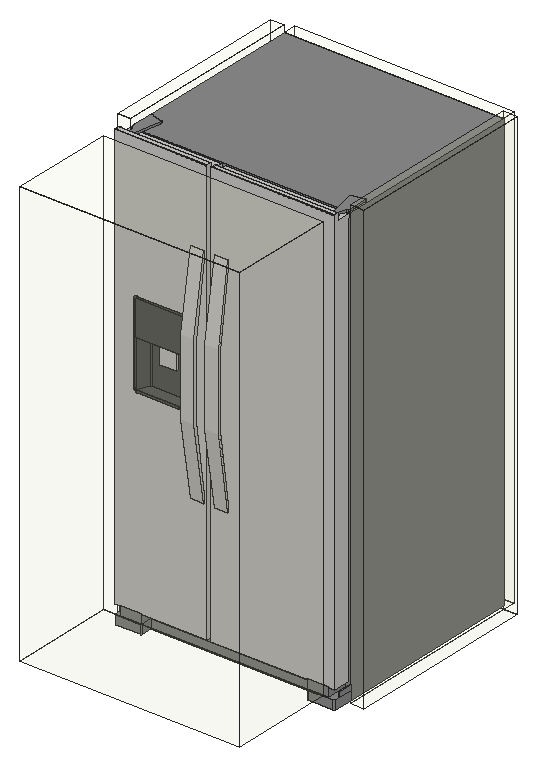
Revit family "WRS321SDHZ-007c_Refrigeration_SXS", category Specialty Equipment, Revit 2026
Family settings
  Round Connector Dimension = Use Diameter
  Part Type = Normal
  Work Plane-Based = No
  Enable Cutting in Views = No
  Always vertical = Yes
  Cut with Voids When Loaded = No
  Maintain Annotation Orientation = No
  Shared = No
  Room Calculation Point = No
Parameters (values of type "WRS321SDHZ")
  Width = 32 3/4"
  Warranty Duration (Years) = "One year limited"
  Voltage = 120 V
  URL = "https://www.whirlpool.com/kitchen/refrigeration/refrigerators/side-by-side/p.33-inch-wide-side-by-side-refrigerator-21-cu.-ft.wrs321sdhz.html"
  Specification = ""
  SpecWizard = ""
  Show Clearance [instance] = yes
  Send Message = ""
  Sales Information = "https://www.whirlpool.com/kitchen/refrigeration/refrigerators/side-by-side/p.33-inch-wide-side-by-side-refrigerator-21-cu.-ft.wrs321sdhz.html"
  Product Data = "https://www.whirlpool.com/content/dam/global/documents/201711/UseandCare-W11101941-RevA(ECO).pdf"
  Model = "WRS321SDHZ"
  Manufacturer Website = ""
  Manufacturer Phone - Toll Free = ""
  Manufacturer Phone = ""
  Manufacturer Fax = ""
  Manufacturer Email = ""
  Manufacturer Address = ""
  Manufacturer = "Whirlpool"
  Maintenance Schedule (Months) = "NA"
  Leg Material = ARCAT - Metal - Steel - Black
  Installation-Fabrication = "https://www.whirlpool.com/content/dam/global/documents/201802/installationinstructions-w11105301-reva-fr.pdf"
  Installation Phase = "NA"
  Height = 66 5/8"
  Handle Material = ARCAT - Metal - Steel - Stainless
  HW size = 0"
  Family Name = "Freestanding Refrigerator"
  Expected Lifespan (Years) = "NA"
  Exhaust size = 0"
  Drawn By = ""
  Drain size = 0"
  Door Material = ARCAT - Metal - Steel - Stainless
  Display Panel Material = ARCAT - Glass - Black
  Description = "Whirlpool® 33-inch Wide Side-by-Side Refrigerator - 21 cu. ft."
  Depth = 33 5/8"
  Default Elevation = 0"
  Copyright = ""
  Clearance Material = ARCAT - Clearance
  CW size = 0"
  Body Material = ARCAT - Metal - Steel - Black
  Apparent Load = 0 VA
  Amps = 15 A
Reference planes (in)
  plane 1 "Center (Front/Back)": y = 0
  plane 2: z = 0
  plane 3 "Center (Left/Right)": x = 0
  plane 4: x = 16.375
  plane 5: x = -16.375
  plane 6: z = 66.625
  plane 7: y = -2
  plane 8: y = -35.625
  plane 9: z = 0
Forms (in)
  Extrusion 1, solid, material "ARCAT - Metal - Steel - Black" <- "Body Material"
    sketch origin (0, -2, -0.5) x (1, 0, 0) y (0, 1, 0)
      loop
        line (-16.375, -0.125) -> (-16.375, -28.625) -> (16.375, -28.625) -> (16.375, -0.125) -> (-16.375, -0.125)
    from 1 to 66.125
  Extrusion 2, solid, material "ARCAT - Metal - Steel - Black" <- "Body Material"
    sketch origin (-16.375, -2.125, -0.5) x (1, 0, 0) y (0, 0, -1)
      loop
        line (30, -1) -> (2.75, -1) -> (2.75, -1.5) -> (1, -1.5) -> (1, -11.04479) -> (3.09728, -11.04479) -> (3.09728, -11.38413) -> (7.94884, -11.38413)
        arc (7.94884, -11.38413) -> (7.96541, -11.391) -> (7.97228, -11.40757) r 0.02344
        line (7.97228, -11.40757) -> (7.97228, -11.78736) -> (30.33031, -11.78736) -> (30.33031, -11.38413) -> (31.72625, -11.38413)
        arc (31.72625, -11.38413) -> (31.74304, -11.37717) -> (31.75, -11.36038) r 0.02375
        line (31.75, -11.36038) -> (31.75, -1.5) -> (30, -1.5) -> (30, -1)
    from 0 to 0.0625
  Extrusion 3, void
    sketch origin (-16.375, -2.125, -0.5) x (-1, 0, 0) y (0, 0, -1)
      loop
        line (-2.70358, -8.12739) -> (-1.45358, -8.12739) -> (-1.45358, -5.37739) -> (-2.70358, -5.37739) -> (-2.70358, -8.12739)
    from -0.0625 to 0.86189
  Extrusion 4, solid, material "ARCAT - Clearance" <- "Clearance Material", visible <- "Show Clearance", detail levels medium+fine
    sketch origin (63.95747, -149.5, 68.375) x (-1, 0, 0) y (0, -1, 0)
      loop
        line (47.58247, -149.5) -> (80.33247, -149.5) -> (80.33247, -147.5) -> (47.58247, -147.5) -> (47.58247, -149.5)
    from -2.75 to -68.375
  Extrusion 5, solid, material "ARCAT - Metal - Steel - Stainless" <- "Door Material"
    sketch origin (0, -4.375, 68.375) x (1, 0, 0) y (0, 1, 0)
      loop
        line (15.625, -26.25) -> (-2, -26.25) -> (-2, -29.25) -> (16.375, -29.25) -> (16.375, -26.75) -> (15.625, -26.75) -> (15.625, -26.25)
    from -3.25 to -65.125
  Extrusion 6, solid, material "ARCAT - Metal - Steel - Stainless" <- "Door Material"
    sketch origin (0, -4.375, 68.375) x (1, 0, 0) y (0, 1, 0)
      loop
        line (-16.375, -29.25) -> (-2.625, -29.25) -> (-2.625, -26.25) -> (-15.625, -26.25) -> (-15.625, -26.75) -> (-16.375, -26.75) -> (-16.375, -29.25)
    from -3.25 to -65.125
  Extrusion 7, solid, material "ARCAT - Glass - Black" <- "Display Panel Material"
    sketch origin (-16.375, -33.625, 66.125) x (1, 0, 0) y (0, 0, 1)
      loop
        line (3.05715, -26.15412) -> (10.26402, -26.15412) -> (10.26402, -21.16472)
        arc (10.26402, -21.16472) -> (10.1908, -20.98795) -> (10.01402, -20.91472) r 0.25
        line (10.01402, -20.91472) -> (3.30715, -20.91472)
        arc (3.30715, -20.91472) -> (3.13038, -20.98795) -> (3.05715, -21.16472) r 0.25
        line (3.05715, -21.16472) -> (3.05715, -26.15412)
    from 0 to 0.0625
  Extrusion 8, solid, material "ARCAT - Metal - Steel - Black" <- "Body Material"
    sketch origin (-16.375, -33.625, 63.125) x (1, 0, 0) y (0, 0, 1)
      loop
        arc (3.05715, -29.83753) -> (3.17663, -30.12597) -> (3.46508, -30.24545) r 0.40793
        line (3.46508, -30.24545) -> (9.85777, -30.24545)
        arc (9.85777, -30.24545) -> (10.14504, -30.12646) -> (10.26402, -29.8392) r 0.40625
        line (10.26402, -29.8392) -> (10.26402, -18.16472)
        arc (10.26402, -18.16472) -> (10.1908, -17.98795) -> (10.01402, -17.91472) r 0.25
        line (10.01402, -17.91472) -> (3.30715, -17.91472)
        arc (3.30715, -17.91472) -> (3.13038, -17.98795) -> (3.05715, -18.16472) r 0.25
        line (3.05715, -18.16472) -> (3.05715, -29.83753)
      loop
        arc (2.80715, -29.83753) -> (2.99985, -30.30275) -> (3.46508, -30.49545) r 0.65793
        line (3.46508, -30.49545) -> (9.85777, -30.49545)
        arc (9.85777, -30.49545) -> (10.32181, -30.30324) -> (10.51402, -29.8392) r 0.65625
        line (10.51402, -29.8392) -> (10.51402, -18.16472)
        arc (10.51402, -18.16472) -> (10.36758, -17.81117) -> (10.01402, -17.66472) r 0.5
        line (10.01402, -17.66472) -> (3.30715, -17.66472)
        arc (3.30715, -17.66472) -> (2.9536, -17.81117) -> (2.80715, -18.16472) r 0.5
        line (2.80715, -18.16472) -> (2.80715, -29.83753)
    from 0 to 0.0625
  Extrusion 9, solid, material "ARCAT - Metal - Steel - Stainless" <- "Door Material"
    sketch origin (18, 0.59, 48) x (0, 1, 0) y (0, 0, -1)
      loop
        line (-31.4861, -17.125) -> (-34.215, -17.125) -> (-34.215, -18.59845)
        arc (-34.215, -18.59845) -> (-34.20723, -18.61722) -> (-34.18846, -18.625) r 0.02655
        line (-34.18846, -18.625) -> (-33.5593, -18.625)
        arc (-33.5593, -18.625) -> (-33.53996, -18.61699) -> (-33.53195, -18.59766) r 0.02734
        line (-33.53195, -18.59766) -> (-33.53195, -17.625) -> (-31.4861, -17.625) -> (-31.4861, -17.125)
    from 1.625 to 20
  Extrusion 10, solid, material "ARCAT - Metal - Steel - Black" <- "Body Material"
    sketch origin (0.11177, -5.90625, 65.625) x (1, 0, 0) y (0, 1, 0)
      loop
        arc (-15.88854, -21.39842) -> (-16.12919, -21.45093) -> (-16.23677, -21.6725) r 0.28197
        line (-16.23677, -21.6725) -> (-16.23677, -23.92511)
        arc (-16.23677, -23.92511) -> (-16.21222, -24.28246) -> (-16.13903, -24.6331) r 2.61317
        arc (-16.13903, -24.6331) -> (-16.07566, -24.78883) -> (-15.97925, -24.92658) r 0.75155
        arc (-15.97925, -24.92658) -> (-15.69638, -25.60026) -> (-15.87916, -26.30769) r 1.14347
        arc (-15.87916, -26.30769) -> (-15.69831, -26.89334) -> (-15.15572, -26.60823) r 0.39844
        line (-15.15572, -26.60823) -> (-14.19515, -22.08907)
        arc (-14.19515, -22.08907) -> (-14.23227, -21.8807) -> (-14.40417, -21.75722) r 0.28125
        line (-14.40417, -21.75722) -> (-15.88854, -21.39842)
    from 0.25 to 0
  Extrusion 11, solid, material "ARCAT - Metal - Steel - Black" <- "Body Material"
    sketch origin (-0.11177, -5.90625, 65.625) x (-1, 0, 0) y (0, -1, 0)
      loop
        line (-15.88854, 21.39842) -> (-14.40417, 21.75722)
        arc (-14.40417, 21.75722) -> (-14.23227, 21.8807) -> (-14.19515, 22.08907) r 0.28125
        line (-14.19515, 22.08907) -> (-15.15572, 26.60823)
        arc (-15.15572, 26.60823) -> (-15.69831, 26.89334) -> (-15.87916, 26.30769) r 0.39844
        arc (-15.87916, 26.30769) -> (-15.69638, 25.60026) -> (-15.97925, 24.92658) r 1.14347
        arc (-15.97925, 24.92658) -> (-16.07566, 24.78883) -> (-16.13903, 24.6331) r 0.75155
        arc (-16.13903, 24.6331) -> (-16.21222, 24.28246) -> (-16.23677, 23.92511) r 2.61317
        line (-16.23677, 23.92511) -> (-16.23677, 21.6725)
        arc (-16.23677, 21.6725) -> (-16.12919, 21.45093) -> (-15.88854, 21.39842) r 0.28197
    from 0.25 to 0
  Extrusion 12, solid, material "ARCAT - Metal - Steel - Stainless" <- "Door Material"
    sketch origin (-22.625, 0.59, 48) x (0, 1, 0) y (0, 0, 1)
      loop
        line (-31.4861, 17.125) -> (-31.4861, 17.625) -> (-33.53195, 17.625) -> (-33.53195, 18.59766)
        arc (-33.53195, 18.59766) -> (-33.53996, 18.61699) -> (-33.5593, 18.625) r 0.02734
        line (-33.5593, 18.625) -> (-34.18846, 18.625)
        arc (-34.18846, 18.625) -> (-34.20723, 18.61722) -> (-34.215, 18.59845) r 0.02655
        line (-34.215, 18.59845) -> (-34.215, 17.125) -> (-31.4861, 17.125)
    from 6.25 to 20
  Extrusion 13, solid, material "ARCAT - Clearance" <- "Clearance Material", visible <- "Show Clearance", detail levels medium+fine
    sketch origin (63.95747, -184.125, 68.375) x (-1, 0, 0) y (0, -1, 0)
      loop
        line (47.58247, -148.5) -> (80.33247, -148.5) -> (80.33247, -132.8125) -> (47.58247, -132.8125) -> (47.58247, -148.5)
    from -1.75 to -65.125
  Extrusion 14, solid, material "ARCAT - Metal - Steel - Stainless" <- "Handle Material"
    sketch origin (-2.28977, -4.375, -11.52278) x (0, 1, 0) y (0, 0, -1)
      loop
        line (-29.25, -66.625) -> (-29.25, -65.51985)
        arc (-29.25, -65.51985) -> (-31.00203, -49.71028) -> (-29.25, -33.90071) r 72.20562
        line (-29.25, -33.90071) -> (-29.25, -32.79555)
        arc (-29.25, -32.79555) -> (-31.25203, -49.71028) -> (-29.25, -66.625) r 72.45562
    from 0.83523 to 2.83523
  Extrusion 15, solid, material "ARCAT - Metal - Steel - Black" <- "Body Material"
    sketch origin (0, -6.125, 0.5) x (0, 1, 0) y (1, 0, 0)
      loop
        line (-27.5, -12.55303) -> (-27.5, -16.18901)
        arc (-27.5, -16.18901) -> (-27.44552, -16.32052) -> (-27.31401, -16.375) r 0.18599
        line (-27.31401, -16.375) -> (-24.5, -16.375) -> (-24.5, 16.375) -> (-27.31401, 16.375)
        arc (-27.31401, 16.375) -> (-27.44552, 16.32052) -> (-27.5, 16.18901) r 0.18599
        line (-27.5, 16.18901) -> (-27.5, 12.55303)
        arc (-27.5, 12.55303) -> (-27.44508, 12.42045) -> (-27.3125, 12.36553) r 0.1875
        line (-27.3125, 12.36553) -> (-25.75, 12.36553) -> (-25.75, -12.36553) -> (-27.3125, -12.36553)
        arc (-27.3125, -12.36553) -> (-27.44508, -12.42045) -> (-27.5, -12.55303) r 0.1875
    from 0 to -1.31803
  Blend 16, solid, material "ARCAT - Metal - Steel - Black" <- "Body Material"
    base sketch origin (0.30403, -2.0625, 10.4343) x (1, 0, 0) y (0, 0, -1)
      loop
        arc (15.07097, -2.67992) -> (14.89478, -2.25455) -> (14.46941, -2.07836) r 0.60156
        line (14.46941, -2.07836) -> (-15.07746, -2.07836)
        arc (-15.07746, -2.07836) -> (-15.50283, -2.25455) -> (-15.67903, -2.67992) r 0.60156
        line (-15.67903, -2.67992) -> (-15.67903, -53.58914)
        arc (-15.67903, -53.58914) -> (-15.50283, -54.01451) -> (-15.07746, -54.1907) r 0.60156
        line (-15.07746, -54.1907) -> (14.46816, -54.1907)
        arc (14.46816, -54.1907) -> (14.89441, -54.01414) -> (15.07097, -53.58789) r 0.60281
        line (15.07097, -53.58789) -> (15.07097, -2.67992)
    top sketch origin (0.30403, -2.0625, 10.4343) x (1, 0, 0) y (0, 0, -1)
      loop
        line (14.07097, -52.9407) -> (14.07097, -3.32836)
        arc (14.07097, -3.32836) -> (13.99775, -3.15158) -> (13.82097, -3.07836) r 0.25
        line (13.82097, -3.07836) -> (-14.42903, -3.07836)
        arc (-14.42903, -3.07836) -> (-14.6058, -3.15158) -> (-14.67903, -3.32836) r 0.25
        line (-14.67903, -3.32836) -> (-14.67903, -52.9407)
        arc (-14.67903, -52.9407) -> (-14.6058, -53.11748) -> (-14.42903, -53.1907) r 0.25
        line (-14.42903, -53.1907) -> (13.82097, -53.1907)
        arc (13.82097, -53.1907) -> (13.99775, -53.11748) -> (14.07097, -52.9407) r 0.25
    from -0.0625 to 0.0625
  Extrusion 17, solid, material "ARCAT - Metal - Steel - Black" <- "Body Material"
    sketch origin (-12.55303, -33.625, 0.5) x (-1, 0, 0) y (0, 0, -1)
      loop
        line (2.91431, -2.75) -> (2.91431, -1.49639) -> (-0.1875, -1.49639) -> (-0.1875, -2.75) -> (2.91431, -2.75)
    from 0 to -3
  Extrusion 18, solid, material "ARCAT - Metal - Steel - Black" <- "Body Material"
    sketch origin (-16.375, -33.43901, 0.5) x (0, 1, 0) y (0, 0, -1)
      loop
        line (2.81401, -1.31803) -> (0.81401, -1.31803) -> (0.81401, -1.95319)
        arc (0.81401, -1.95319) -> (0.83693, -2.00853) -> (0.89227, -2.03146) r 0.07826
        line (0.89227, -2.03146) -> (2.81401, -2.03146) -> (2.81401, -1.31803)
    from 0 to -0.12627
  Extrusion 19, solid, material "ARCAT - Metal - Steel - Black" <- "Body Material"
    sketch origin (0, -6.125, 1.81803) x (0, 1, 0) y (-1, 0, 0)
      loop
        line (-24.5, 12.36553) -> (-25.75, 12.36553) -> (-25.75, -12.36553) -> (-24.5, -12.36553) -> (-24.5, 12.36553)
    from 0 to 1.43197
  Extrusion 20, solid, material "ARCAT - Metal - Steel - Black" <- "Body Material"
    sketch origin (10.19697, -33.625, 0.5) x (1, 0, 0) y (0, 0, 1)
      loop
        line (5.27037, 2.75) -> (2.16856, 2.75) -> (2.16856, 1.49639) -> (5.27037, 1.49639) -> (5.27037, 2.75)
    from 0 to -3
  Extrusion 21, solid, material "ARCAT - Metal - Steel - Black" <- "Body Material"
    sketch origin (16.375, -33.35917, 0.5) x (0, 1, 0) y (0, 0, 1)
      loop
        line (2.73417, 1.31803) -> (2.73417, 2.03146) -> (0.81243, 2.03146)
        arc (0.81243, 2.03146) -> (0.75709, 2.00853) -> (0.73417, 1.95319) r 0.07826
        line (0.73417, 1.95319) -> (0.73417, 1.31803) -> (2.73417, 1.31803)
    from 0 to -0.12627
  Extrusion 22, solid, material "ARCAT - Metal - Steel - Black" <- "Body Material"
    sketch origin (-16.375, -2.125, -0.5) x (1, 0, 0) y (0, 0, -1)
      loop
        circle (2.07447, -12.06429) r 0.25
    from 0 to 0.03125
  Extrusion 23, void
    sketch origin (0.30403, -2, 10.4343) x (-1, 0, 0) y (0, 0, -1)
      loop
        arc (-10.00772, -46.87538) -> (-9.9345, -47.05216) -> (-9.75772, -47.12538) r 0.25
        line (-9.75772, -47.12538) -> (-9.25772, -47.12538)
        arc (-9.25772, -47.12538) -> (-9.08094, -47.05216) -> (-9.00772, -46.87538) r 0.25
        line (-9.00772, -46.87538) -> (-9.00772, -4.37538)
        arc (-9.00772, -4.37538) -> (-9.08094, -4.19861) -> (-9.25772, -4.12538) r 0.25
        line (-9.25772, -4.12538) -> (-9.75772, -4.12538)
        arc (-9.75772, -4.12538) -> (-9.9345, -4.19861) -> (-10.00772, -4.37538) r 0.25
        line (-10.00772, -4.37538) -> (-10.00772, -46.87538)
      loop
        arc (-2.00772, -46.87538) -> (-1.9345, -47.05216) -> (-1.75772, -47.12538) r 0.25
        line (-1.75772, -47.12538) -> (-1.25772, -47.12538)
        arc (-1.25772, -47.12538) -> (-1.08094, -47.05216) -> (-1.00772, -46.87538) r 0.25
        line (-1.00772, -46.87538) -> (-1.00772, -4.37538)
        arc (-1.00772, -4.37538) -> (-1.08094, -4.19861) -> (-1.25772, -4.12538) r 0.25
        line (-1.25772, -4.12538) -> (-1.75772, -4.12538)
        arc (-1.75772, -4.12538) -> (-1.9345, -4.19861) -> (-2.00772, -4.37538) r 0.25
        line (-2.00772, -4.37538) -> (-2.00772, -46.87538)
      loop
        arc (5.99228, -46.87538) -> (6.0655, -47.05216) -> (6.24228, -47.12538) r 0.25
        line (6.24228, -47.12538) -> (6.74228, -47.12538)
        arc (6.74228, -47.12538) -> (6.91906, -47.05216) -> (6.99228, -46.87538) r 0.25
        line (6.99228, -46.87538) -> (6.99228, -4.37538)
        arc (6.99228, -4.37538) -> (6.91906, -4.19861) -> (6.74228, -4.12538) r 0.25
        line (6.74228, -4.12538) -> (6.24228, -4.12538)
        arc (6.24228, -4.12538) -> (6.0655, -4.19861) -> (5.99228, -4.37538) r 0.25
        line (5.99228, -4.37538) -> (5.99228, -46.87538)
      loop
        line (-13.38272, -52.37538) -> (-0.9934, -52.37538)
        arc (-0.9934, -52.37538) -> (-0.8684, -52.25038) -> (-0.9934, -52.12538) r 0.125
        line (-0.9934, -52.12538) -> (-13.13272, -52.12538) -> (-13.13272, -4.37538) -> (-11.26397, -4.37538)
        arc (-11.26397, -4.37538) -> (-11.13897, -4.25038) -> (-11.26397, -4.12538) r 0.125
        line (-11.26397, -4.12538) -> (-13.38272, -4.12538) -> (-13.38272, -52.37538)
      loop
        arc (-8.25147, -4.12538) -> (-8.37647, -4.25038) -> (-8.25147, -4.37538) r 0.125
        line (-8.25147, -4.37538) -> (-2.76397, -4.37538)
        arc (-2.76397, -4.37538) -> (-2.63897, -4.25038) -> (-2.76397, -4.12538) r 0.125
        line (-2.76397, -4.12538) -> (-8.25147, -4.12538)
      loop
        arc (-0.25147, -4.12538) -> (-0.37647, -4.25038) -> (-0.25147, -4.37538) r 0.125
        line (-0.25147, -4.37538) -> (5.23603, -4.37538)
        arc (5.23603, -4.37538) -> (5.36103, -4.25038) -> (5.23603, -4.12538) r 0.125
        line (5.23603, -4.12538) -> (-0.25147, -4.12538)
      loop
        arc (7.74853, -4.12538) -> (7.62353, -4.25038) -> (7.74853, -4.37538) r 0.125
        line (7.74853, -4.37538) -> (10.48603, -4.37538)
        arc (10.48603, -4.37538) -> (10.61103, -4.25038) -> (10.48603, -4.12538) r 0.125
        line (10.48603, -4.12538) -> (7.74853, -4.12538)
      loop
        line (11.70584, -42.05835) -> (10.58084, -42.05835)
        arc (10.58084, -42.05835) -> (10.49245, -42.09496) -> (10.45584, -42.18335) r 0.125
        line (10.45584, -42.18335) -> (10.45584, -44.55835)
        arc (10.45584, -44.55835) -> (10.49245, -44.64673) -> (10.58084, -44.68335) r 0.125
        line (10.58084, -44.68335) -> (11.58084, -44.68335)
        arc (11.58084, -44.68335) -> (11.66923, -44.71996) -> (11.70584, -44.80835) r 0.125
        line (11.70584, -44.80835) -> (11.70584, -47.00038)
        arc (11.70584, -47.00038) -> (11.66923, -47.08877) -> (11.58084, -47.12538) r 0.125
        line (11.58084, -47.12538) -> (10.70584, -47.12538)
        arc (10.70584, -47.12538) -> (10.52906, -47.19861) -> (10.45584, -47.37538) r 0.25
        line (10.45584, -47.37538) -> (10.45584, -52.81698)
        arc (10.45584, -52.81698) -> (10.58084, -52.94198) -> (10.70584, -52.81698) r 0.125
        line (10.70584, -52.81698) -> (10.70584, -47.37538) -> (11.95584, -47.37538) -> (11.95584, -44.43335) -> (10.70584, -44.43335) -> (10.70584, -42.30835) -> (11.95584, -42.30835) -> (11.95584, -3.43335)
        arc (11.95584, -3.43335) -> (11.83084, -3.30835) -> (11.70584, -3.43335) r 0.125
        line (11.70584, -3.43335) -> (11.70584, -42.05835)
      loop
        arc (13.5444, -41.48303) -> (13.6694, -41.60803) -> (13.7944, -41.48303) r 0.125
        line (13.7944, -41.48303) -> (13.7944, -3.80835)
        arc (13.7944, -3.80835) -> (13.6694, -3.68335) -> (13.5444, -3.80835) r 0.125
        line (13.5444, -3.80835) -> (13.5444, -41.48303)
      loop
        arc (12.28421, -47.12538) -> (12.15921, -47.25038) -> (12.28421, -47.37538) r 0.125
        line (12.28421, -47.37538) -> (14.39672, -47.37538)
        arc (14.39672, -47.37538) -> (14.52172, -47.25038) -> (14.39672, -47.12538) r 0.125
        line (14.39672, -47.12538) -> (12.28421, -47.12538)
      loop
        arc (12.28421, -44.43335) -> (12.15921, -44.55835) -> (12.28421, -44.68335) r 0.125
        line (12.28421, -44.68335) -> (14.39672, -44.68335)
        arc (14.39672, -44.68335) -> (14.52172, -44.55835) -> (14.39672, -44.43335) r 0.125
        line (14.39672, -44.43335) -> (12.28421, -44.43335)
      loop
        arc (12.28421, -42.05835) -> (12.15921, -42.18335) -> (12.28421, -42.30835) r 0.125
        line (12.28421, -42.30835) -> (14.39672, -42.30835)
        arc (14.39672, -42.30835) -> (14.52172, -42.18335) -> (14.39672, -42.05835) r 0.125
        line (14.39672, -42.05835) -> (12.28421, -42.05835)
      loop
        line (0.33407, -52.71589) -> (3.02399, -52.71589) -> (3.02399, -51.21589) -> (9.83407, -51.21589)
        arc (9.83407, -51.21589) -> (10.01084, -51.14266) -> (10.08407, -50.96589) r 0.25
        line (10.08407, -50.96589) -> (10.08407, -50.46589)
        arc (10.08407, -50.46589) -> (10.01084, -50.28911) -> (9.83407, -50.21589) r 0.25
        line (9.83407, -50.21589) -> (-10.16593, -50.21589)
        arc (-10.16593, -50.21589) -> (-10.34271, -50.28911) -> (-10.41593, -50.46589) r 0.25
        line (-10.41593, -50.46589) -> (-10.41593, -50.96589)
        arc (-10.41593, -50.96589) -> (-10.34271, -51.14266) -> (-10.16593, -51.21589) r 0.25
        line (-10.16593, -51.21589) -> (0.33407, -51.21589) -> (0.33407, -52.71589)
      loop
        arc (3.89684, -52.12538) -> (3.77184, -52.25038) -> (3.89684, -52.37538) r 0.125
        line (3.89684, -52.37538) -> (9.75935, -52.37538)
        arc (9.75935, -52.37538) -> (9.88435, -52.25038) -> (9.75935, -52.12538) r 0.125
        line (9.75935, -52.12538) -> (3.89684, -52.12538)
    from 0 to 0.03125
  Extrusion 24, solid, material "ARCAT - Metal - Steel - Stainless" <- "Door Material"
    sketch origin (-5.57963, -33.625, 42.97088) x (1, 0, 0) y (0, -1, 0)
      loop
        line (-5.38803, -1.84927) -> (-2.88153, -1.84927) -> (-2.88153, -1.58704) -> (-5.38803, -1.58704) -> (-5.38803, -1.84927)
    from 3 to 6.59133
  Extrusion 25, solid, material "ARCAT - Metal - Steel - Black" <- "Leg Material"
    sketch origin (0.73842, 17.04923, 0) x (1, 0, 0) y (0, -1, 0)
      loop
        circle (-14.80738, 22.39858) r 0.75
    from 0 to -0.5
  Extrusion 26, solid, material "ARCAT - Metal - Steel - Black" <- "Leg Material"
    sketch origin (0.73842, -5.97642, 0) x (1, 0, 0) y (0, -1, 0)
      loop
        circle (-14.80738, 22.39858) r 0.75
    from 0 to -0.5
  Extrusion 27, solid, material "ARCAT - Metal - Steel - Black" <- "Leg Material"
    sketch origin (-0.73842, 17.04923, 0) x (1, 0, 0) y (0, -1, 0)
      loop
        circle (14.80738, 22.39858) r 0.75
    from 0 to -0.5
  Extrusion 28, solid, material "ARCAT - Metal - Steel - Black" <- "Leg Material"
    sketch origin (-0.73842, -5.97642, 0) x (1, 0, 0) y (0, -1, 0)
      loop
        circle (14.80738, 22.39858) r 0.75
    from 0 to -0.5
  Extrusion 29, solid, material "ARCAT - Metal - Steel - Stainless" <- "Door Material"
    sketch origin (-6.51723, -33.625, 34.87955) x (0, -1, 0) y (1, 0, 0)
      loop
        line (-1.80781, -5.47636) -> (-1.55496, -5.47636)
        arc (-1.55496, -5.47636) -> (-1.6668, -4.00978) -> (-1.55499, -2.5432) r 9.67341
        line (-1.55499, -2.5432) -> (-1.80784, -2.5432)
        arc (-1.80784, -2.5432) -> (-1.9168, -4.00978) -> (-1.80781, -5.47636) r 9.92341
    from 4.42548 to 8.09133
  Extrusion 30, solid, material "ARCAT - Clearance" <- "Clearance Material", visible <- "Show Clearance", detail levels medium+fine
    sketch origin (-17.58655, -2, 48) x (1, 0, 0) y (0, 0, 1)
      loop
        line (1.21155, 18.625) -> (-0.78845, 18.625) -> (-0.78845, -48) -> (1.21155, -48) -> (1.21155, 18.625)
      loop
        line (33.96155, 18.625) -> (33.96155, -48) -> (35.96155, -48) -> (35.96155, 18.625) -> (33.96155, 18.625)
    from 0 to 28.625
  Extrusion 31, void
    sketch origin (0, 0, 0.5) x (0, -1, 0) y (1, 0, 0)
      loop
        line (33.625, -6.11098) -> (31.92404, -6.86829)
        arc (31.92404, -6.86829) -> (31.81606, -6.96052) -> (31.77573, -7.09668) r 0.25
        line (31.77573, -7.09668) -> (31.77573, -12.33047)
        arc (31.77573, -12.33047) -> (31.81606, -12.46663) -> (31.92404, -12.55886) r 0.25
        line (31.92404, -12.55886) -> (33.625, -13.31617) -> (33.625, -6.11098)
    from 32.37955 to 39.47088
  Extrusion 32, solid, material "ARCAT - Metal - Steel - Stainless" <- "Handle Material"
    sketch origin (-2.33523, -4.375, -11.52278) x (0, 1, 0) y (0, 0, 1)
      loop
        arc (-29.25, 66.625) -> (-31.25203, 49.71028) -> (-29.25, 32.79555) r 72.45562
        line (-29.25, 32.79555) -> (-29.25, 33.90071)
        arc (-29.25, 33.90071) -> (-31.00203, 49.71028) -> (-29.25, 65.51985) r 72.20562
        line (-29.25, 65.51985) -> (-29.25, 66.625)
    from 0.83523 to 2.83523
  Extrusion 33, solid, material "ARCAT - Metal - Steel - Black" <- "Body Material"
    sketch origin (-16.375, -2.125, -0.5) x (1, 0, 0) y (0, 0, -1)
      loop
        line (32.75, -66.125) -> (32.75, -1) -> (32, -1) -> (32, -65.375) -> (0.75, -65.375) -> (0.75, -1) -> (0, -1) -> (0, -66.125) -> (32.75, -66.125)
    from 0 to 0.125
Cuts and joins
  Extrusion 3 cuts Extrusion 1
  joined: Extrusion 1, Extrusion 33
  Extrusion 3 cuts Extrusion 2
  Extrusion 3 cuts Extrusion 4
  Extrusion 23 cuts Blend 16
  Extrusion 31 cuts Extrusion 6
  Extrusion 31 cuts Extrusion 12
  Extrusion 31 cuts Extrusion 29
  joined: Extrusion 6, Extrusion 12, Extrusion 29
  joined: Extrusion 5, Extrusion 9
  Extrusion 31 cuts Extrusion 18
  Extrusion 31 cuts Extrusion 19
  Extrusion 31 cuts Extrusion 21
  joined: Extrusion 18, Extrusion 19, Extrusion 21
  Extrusion 31 cuts Extrusion 17
  Extrusion 31 cuts Extrusion 15
Lines and regions (in)
  symbolic lines, style "SpecialityEquipment"
    curve 1: line (16.375, -33.625, 0.5) -> (-16.375, -33.625, 0.5)
    curve 2: line (-16.375, -2, 0.5) -> (16.375, -2, 0.5)
    curve 3: line (-5.125, -35.625, 0.5) -> (-5.125, -33.625, 0.5)
    curve 4: line (-3.125, -35.625, 0.5) -> (-5.125, -35.625, 0.5)
    curve 5: line (-3.125, -33.625, 0.5) -> (-3.125, -35.625, 0.5)
    curve 6: line (-1.5, -35.625, 0.5) -> (-1.5, -33.625, 0.5)
    curve 7: line (0.5, -35.625, 0.5) -> (-1.5, -35.625, 0.5)
    curve 8: line (0.5, -33.625, 0.5) -> (0.5, -35.625, 0.5)
    curve 9: line (16.375, -33.625, 0.5) -> (16.375, -2, 0.5)
    curve 10: line (-16.375, -33.625, 0.5) -> (-16.375, -2, 0.5)
  model lines
    curve 11: line (-12.91144, -2.0625, 5.81722) -> (-12.16144, -2.0625, 5.81722)
    curve 12: line (-12.91144, -2.0625, 5.81722) -> (-12.91144, -2.0625, 1.31722)
    curve 13: line (-12.91144, -2.0625, 1.31722) -> (-12.16144, -2.0625, 1.31722)
    curve 14: line (-10.16144, -2.0625, 8.95033) -> (-11.66144, -2.0625, 8.95033)
    curve 15: line (-11.66144, -2.0625, 8.95033) -> (-11.66144, -2.0625, 1.31722)
    curve 16: line (-12.16144, -2.0625, 5.81722) -> (-12.16144, -2.0625, 1.31722)
    curve 17: line (-10.16144, -2.0625, 8.95033) -> (-10.16144, -2.0625, 1.31722)
    curve 18: line (-11.66144, -2.0625, 1.31722) -> (-10.16144, -2.0625, 1.31722)
    curve 19: line (-8.03644, -2.0625, 8.95033) -> (-9.66144, -2.0625, 8.95033)
    curve 20: line (-9.66144, -2.0625, 8.95033) -> (-9.66144, -2.0625, 1.31722)
    curve 21: line (-8.03644, -2.0625, 8.95033) -> (-8.03644, -2.0625, 1.31722)
    curve 22: line (-9.66144, -2.0625, 1.31722) -> (-8.03644, -2.0625, 1.31722)
    curve 23: line (-5.91144, -2.0625, 8.95033) -> (-7.53644, -2.0625, 8.95033)
    curve 24: line (-7.53644, -2.0625, 8.95033) -> (-7.53644, -2.0625, 1.31722)
    curve 25: line (-5.91144, -2.0625, 8.95033) -> (-5.91144, -2.0625, 1.31722)
    curve 26: line (-7.53644, -2.0625, 1.31722) -> (-5.91144, -2.0625, 1.31722)
    curve 27: circle (-15.04847, -2.125, 0.75076) r 0.17209 normal (0, 1, 0)
    curve 28: circle (15.04847, -2.125, 0.75076) r 0.17209 normal (0, -1, 0)
    curve 29: line (-3.16144, -31.875, 3.0281) -> (12.16209, -31.875, 3.0281)
    curve 30: line (-3.16144, -31.875, 1.89133) -> (-3.16144, -31.875, 3.0281)
    curve 31: line (12.16209, -31.875, 1.89133) -> (-3.16144, -31.875, 1.89133)
    curve 32: line (12.16209, -31.875, 3.0281) -> (12.16209, -31.875, 1.89133)
    curve 33: line (-11.96129, -31.875, 3.16782) -> (-6.15488, -31.875, 3.16782)
    curve 34: line (-11.96129, -31.875, 1.89133) -> (-11.96129, -31.875, 3.16782)
    curve 35: line (-6.15488, -31.875, 1.89133) -> (-11.96129, -31.875, 1.89133)
    curve 36: line (-6.15488, -31.875, 3.16782) -> (-6.15488, -31.875, 1.89133)
    curve 37: line (-3.16144, -31.875, 2.75466) -> (12.16209, -31.875, 2.75466)
    curve 38: line (-3.16144, -31.875, 2.45971) -> (12.16209, -31.875, 2.45971)
    curve 39: line (-3.16144, -31.875, 2.17846) -> (12.16209, -31.875, 2.17846)
Dimensions and locks (in)
  "Width": plane 5 to plane 4
  equal spacing: plane 5, plane 3 "Center (Left/Right)", plane 4
  "Height": plane 6 to level
  "Depth": plane 8 to plane 7
  aligned and locked: plane 2 to level
Automatic sketch dimensions
  curve 9 to plane 4 = 0"
  plane 7 to curve 9 = 0"
  curve 10 to plane 5 = 0"
  plane 8 to curve 7 = 0"
  plane 8 to curve 5 = 0"
  curve 10 to plane 8 = 2"
  curve 3 to plane 3 "Center (Left/Right)" = 5 1/8"
  curve 3 to curve 5 = 2"
  curve 6 to plane 3 "Center (Left/Right)" = 1 1/2"
  plane 3 "Center (Left/Right)" to curve 8 = 1/2"
  Extrusion 1 sketch curve to plane 5 = 0"
  Extrusion 1 sketch curve to plane 4 = 0"
  Extrusion 1 sketch curve to plane 8 = 5"
  plane 7 to Extrusion 1 sketch curve = 1/8"
  Extrusion 2 sketch curve to Extrusion 1 = 0"
  Extrusion 1 to Extrusion 2 sketch curve = 1/2"  (x2)
  Extrusion 2 sketch curve to Extrusion 1 = 1"  (x2)
  Extrusion 2 sketch curve to Extrusion 2 sketch curve = 1 3/4"
  Extrusion 2 sketch curve to Extrusion 2 sketch curve = 2.09728"
  Extrusion 2 sketch curve to Extrusion 2 sketch curve = 4 109/128"
  Extrusion 2 sketch curve to Extrusion 2 sketch curve = 3/128"
  Extrusion 2 sketch curve to Extrusion 1 = 2 3/4"
  Extrusion 2 sketch curve to Extrusion 1 = 2.41969"
  Extrusion 2 sketch curve to Extrusion 1 = 1.02375"
  Extrusion 2 sketch curve to Extrusion 2 sketch curve = 9.54479"
  Extrusion 2 sketch curve to Extrusion 2 sketch curve = 9.86038"
  Extrusion 2 sketch curve to Extrusion 2 sketch curve = 0.33934"
  Extrusion 2 sketch curve to Extrusion 2 sketch curve = 0.40323"
  Extrusion 1 to Extrusion 3 sketch curve = 2.70358"
  Extrusion 3 sketch curve to Extrusion 3 sketch curve = 1 1/4"
  Extrusion 3 sketch curve to Extrusion 1 = 7.12739"
  Extrusion 3 sketch curve to Extrusion 3 sketch curve = 2 3/4"
  curve 13 to Extrusion 2 = 0.36628"
  curve 11 to curve 11 = 3/4"
  curve 13 to curve 15 = 1/2"
  curve 17 to Extrusion 2 = 0.31722"
  curve 15 to curve 17 = 1 1/2"
  curve 14 to curve 19 = 1/2"
  curve 21 to Extrusion 2 = 0.36628"
  curve 19 to curve 23 = 1/2"
  curve 25 to Extrusion 2 = 0.31722"
  curve 24 to curve 25 = 1 5/8"
  curve 11 to curve 15 = 4 1/2"
  curve 19 to Extrusion 2 = 1.59446"
  curve 23 to Extrusion 2 = 1.59446"
  curve 15 to Extrusion 2 = 1.59446"
  curve 20 to Extrusion 2 = 0.31722"
  curve 16 to Extrusion 2 = 0.31722"
  Extrusion 4 sketch curve to plane 4 = 0"
  Extrusion 4 sketch curve to plane 5 = 0"
  plane 1 "Center (Front/Back)" to Extrusion 4 sketch curve = 0"
  plane 7 to Extrusion 4 sketch curve = 0"
  Extrusion 5 sketch curve to plane 4 = 0"
  Extrusion 5 sketch curve to plane 4 = 3/4"
  Extrusion 5 sketch curve to plane 3 "Center (Left/Right)" = 2"
  Extrusion 5 sketch curve to plane 8 = 2"
  Extrusion 5 sketch curve to Extrusion 5 sketch curve = 2 1/2"
  Extrusion 5 sketch curve to Extrusion 5 sketch curve = 1/2"
  Extrusion 6 sketch curve to plane 5 = 0"
  plane 5 to Extrusion 6 sketch curve = 3/4"
  Extrusion 6 sketch curve to plane 3 "Center (Left/Right)" = 2 5/8"
  Extrusion 6 sketch curve to plane 8 = 2"
  Extrusion 6 sketch curve to Extrusion 6 sketch curve = 2 1/2"
  Extrusion 6 sketch curve to Extrusion 6 sketch curve = 3"
  Extrusion 6 to Extrusion 7 sketch curve = 3.05715"
  Extrusion 7 sketch curve to Extrusion 7 sketch curve = 1/4"
  Extrusion 7 sketch curve to Extrusion 6 = 3.73598"
  Extrusion 7 sketch curve to Extrusion 6 = 3.48598"
  Extrusion 6 to Extrusion 7 sketch curve = 25.15412"
  Extrusion 7 sketch curve to Extrusion 7 sketch curve = 4.9894"
  Extrusion 8 sketch curve to Extrusion 8 sketch curve = 0"  (x8)
  Extrusion 6 to Extrusion 8 sketch curve = 2.80715"
  Extrusion 8 sketch curve to Extrusion 8 sketch curve = 1/4"  (x2)
  Extrusion 8 sketch curve to Extrusion 8 sketch curve = 0.40793"
  Extrusion 8 sketch curve to Extrusion 6 = 3.89223"
  Extrusion 8 sketch curve to Extrusion 6 = 3.73598"
  Extrusion 8 sketch curve to Extrusion 8 sketch curve = 13/32"
  Extrusion 6 to Extrusion 8 sketch curve = 29.37955"
  Extrusion 8 sketch curve to Extrusion 8 sketch curve = 11.6728"
  plane 6 to Extrusion 9 sketch curve = 0"
  plane 6 to Extrusion 9 sketch curve = 0.02655"
  Extrusion 9 sketch curve to plane 8 = 2"
  Extrusion 9 sketch curve to Extrusion 9 sketch curve = 0.62916"
  Extrusion 9 sketch curve to Extrusion 9 sketch curve = 7/256"
  plane 6 to Extrusion 9 sketch curve = 1"
  Extrusion 9 sketch curve to Extrusion 9 sketch curve = 2.04585"
  Extrusion 9 sketch curve to Extrusion 9 sketch curve = 1/2"
  Extrusion 10 sketch curve to plane 5 = 0.35009"
  plane 5 to Extrusion 10 sketch curve = 1/4"
  Extrusion 10 sketch curve to Extrusion 10 sketch curve = 0.28197"
  Extrusion 10 sketch curve to Extrusion 10 sketch curve = 0.06625"
  plane 5 to Extrusion 10 sketch curve = 0.94132"
  Extrusion 10 sketch curve to Extrusion 10 sketch curve = 0.82117"
  Extrusion 10 sketch curve to Extrusion 10 sketch curve = 0.38973"
  Extrusion 10 sketch curve to Extrusion 10 sketch curve = 1.48454"
  Extrusion 10 sketch curve to Extrusion 10 sketch curve = 0.06608"
  Extrusion 10 sketch curve to Extrusion 10 sketch curve = 0.2751"
  Extrusion 10 sketch curve to Extrusion 10 sketch curve = 1.792"
  Extrusion 10 sketch curve to plane 8 = 3.11052"
  Extrusion 10 sketch curve to Extrusion 10 sketch curve = 0.08284"
  Extrusion 10 sketch curve to Extrusion 10 sketch curve = 0.84247"
  Extrusion 10 sketch curve to Extrusion 10 sketch curve = 1.25344"
  Extrusion 10 sketch curve to Extrusion 10 sketch curve = 0.50437"
  Extrusion 10 sketch curve to Extrusion 10 sketch curve = 1.83603"
  Extrusion 10 sketch curve to Extrusion 10 sketch curve = 0.05848"
  Extrusion 10 sketch curve to Extrusion 10 sketch curve = 0.35809"
  Extrusion 10 sketch curve to Extrusion 10 sketch curve = 0"  (x2)
  plane 4 to Extrusion 11 sketch curve = 0.35009"
  Extrusion 11 sketch curve to plane 4 = 1/4"
  Extrusion 11 sketch curve to Extrusion 11 sketch curve = 0.28197"
  Extrusion 11 sketch curve to Extrusion 11 sketch curve = 0.06625"
  Extrusion 11 sketch curve to plane 4 = 0.94132"
  Extrusion 11 sketch curve to Extrusion 11 sketch curve = 0.82117"
  Extrusion 11 sketch curve to Extrusion 11 sketch curve = 0.38973"
  Extrusion 11 sketch curve to Extrusion 11 sketch curve = 1.48454"
  Extrusion 11 sketch curve to Extrusion 11 sketch curve = 0.06608"
  Extrusion 11 sketch curve to Extrusion 11 sketch curve = 0.2751"
  Extrusion 11 sketch curve to Extrusion 11 sketch curve = 1.792"
  Extrusion 11 sketch curve to plane 8 = 8 41/128"
  Extrusion 11 sketch curve to Extrusion 11 sketch curve = 0.3588"
  Extrusion 11 sketch curve to Extrusion 11 sketch curve = 0.27338"
  Extrusion 11 sketch curve to Extrusion 11 sketch curve = 1.83603"
  Extrusion 11 sketch curve to Extrusion 11 sketch curve = 0.50437"
  Extrusion 11 sketch curve to Extrusion 11 sketch curve = 1.04982"
  Extrusion 11 sketch curve to Extrusion 11 sketch curve = 0.84247"
  Extrusion 11 sketch curve to Extrusion 11 sketch curve = 0.08284"
  Extrusion 11 sketch curve to Extrusion 11 sketch curve = 0"  (x2)
  plane 6 to Extrusion 12 sketch curve = 0"
  plane 6 to Extrusion 12 sketch curve = 0.02655"
  Extrusion 12 sketch curve to plane 8 = 2"
  Extrusion 12 sketch curve to Extrusion 12 sketch curve = 0.62916"
  Extrusion 12 sketch curve to Extrusion 12 sketch curve = 7/256"
  plane 6 to Extrusion 12 sketch curve = 1"
  Extrusion 12 sketch curve to Extrusion 12 sketch curve = 2.04585"
  Extrusion 12 sketch curve to Extrusion 12 sketch curve = 1/2"
  Extrusion 13 sketch curve to plane 4 = 0"
  Extrusion 13 sketch curve to plane 5 = 0"
  plane 8 to Extrusion 13 sketch curve = 0"
  plane 8 to Extrusion 13 sketch curve = 15 11/16"
  Extrusion 14 sketch curve to Extrusion 14 sketch curve = 0"  (x2)
  Extrusion 14 sketch curve to plane 8 = 2"  (x2)
  Extrusion 14 sketch curve to plane 1 "Center (Front/Back)" = 36.8286"
  plane 6 to Extrusion 14 sketch curve = 11.52278"
  Extrusion 14 sketch curve to Extrusion 14 sketch curve = 1.10515"
  plane 6 to Extrusion 14 sketch curve = 28 7/16"
  Extrusion 15 sketch curve to plane 5 = 0"
  Extrusion 15 sketch curve to plane 4 = 0"
  Extrusion 15 sketch curve to plane 8 = 2"  (x2)
  Extrusion 15 sketch curve to plane 4 = 0.18599"
  plane 5 to Extrusion 15 sketch curve = 0.18599"
  Extrusion 15 sketch curve to Extrusion 15 sketch curve = 3/16"  (x2)
  Extrusion 15 sketch curve to Extrusion 15 sketch curve = 1 9/16"
  Extrusion 15 sketch curve to Extrusion 15 sketch curve = 2.81401"
  Extrusion 15 sketch curve to Extrusion 15 sketch curve = 3.63598"
  Extrusion 15 sketch curve to Extrusion 15 sketch curve = 3.82348"
  Extrusion 15 to Extrusion 17 sketch curve = 3/16"
  Extrusion 17 sketch curve to Extrusion 15 = 0.17836"
  Extrusion 15 to Extrusion 17 sketch curve = 0.72167"
  Extrusion 17 sketch curve to Extrusion 17 sketch curve = 1.25361"
  Extrusion 15 to Extrusion 18 sketch curve = 0"
  Extrusion 18 sketch curve to Extrusion 15 = 0"
  Extrusion 15 to Extrusion 18 sketch curve = 0.89227"
  Extrusion 18 sketch curve to Extrusion 18 sketch curve = 0.07826"
  Extrusion 18 sketch curve to Extrusion 15 = 0.63517"
  Extrusion 19 sketch curve to Extrusion 15 = 0"  (x4)
  Extrusion 20 sketch curve to Extrusion 15 = 1.43197"
  Extrusion 15 to Extrusion 20 sketch curve = 24.91856"
  Extrusion 20 sketch curve to Extrusion 15 = 0.17836"
  Extrusion 20 sketch curve to Extrusion 20 sketch curve = 3.10181"
  Extrusion 21 sketch curve to plane 8 = 3"
  Extrusion 21 sketch curve to Extrusion 21 sketch curve = 0.07826"
  Extrusion 21 sketch curve to Extrusion 21 sketch curve = 2"
  level to Extrusion 21 sketch curve = 1.81803"
  Extrusion 21 sketch curve to Extrusion 21 sketch curve = 0.63517"
  Extrusion 22 sketch curve to Extrusion 1 = 2.07447"
  Extrusion 1 to Extrusion 22 sketch curve = 11.06429"
  plane 5 to Extrusion 24 sketch curve = 5.40734"
  Extrusion 24 sketch curve to Extrusion 24 sketch curve = 2.5065"
  Extrusion 24 sketch curve to plane 8 = 3.58704"
  Extrusion 24 sketch curve to Extrusion 24 sketch curve = 0.26223"
  plane 5 to Extrusion 25 sketch curve = 2.30604"
  plane 7 to Extrusion 25 sketch curve = 3.34935"
  plane 5 to Extrusion 26 sketch curve = 2.30604"
  Extrusion 26 sketch curve to plane 8 = 7 1/4"
  Extrusion 27 sketch curve to plane 4 = 2.30604"
  plane 7 to Extrusion 27 sketch curve = 3.34935"
  Extrusion 28 sketch curve to plane 4 = 2.30604"
  Extrusion 28 sketch curve to plane 8 = 7 1/4"
  Extrusion 29 sketch curve to Extrusion 29 sketch curve = 0"  (x2)
  Extrusion 29 sketch curve to plane 8 = 3.80784"
  Extrusion 29 sketch curve to Extrusion 29 sketch curve = 0.00003"
  Extrusion 29 sketch curve to Extrusion 29 sketch curve = 0.25285"
  plane 8 to Extrusion 29 sketch curve = 6.00662"
  plane 5 to Extrusion 29 sketch curve = 4.38141"
  plane 5 to Extrusion 29 sketch curve = 5.84809"
  Extrusion 30 sketch curve to plane 6 = 0"  (x2)
  Extrusion 30 sketch curve to level = 0"  (x2)
  Extrusion 30 sketch curve to plane 5 = 0"
  Extrusion 30 sketch curve to plane 4 = 0"
  Extrusion 30 sketch curve to Extrusion 30 sketch curve = 2"
  plane 4 to Extrusion 30 sketch curve = 2"
  Extrusion 31 sketch curve to plane 8 = 3.84927"
  Extrusion 31 sketch curve to Extrusion 31 sketch curve = 0.14832"  (x2)
  Extrusion 31 sketch curve to Extrusion 31 sketch curve = 0.10168"  (x2)
  Extrusion 31 sketch curve to Extrusion 31 sketch curve = 1.70096"
  plane 5 to Extrusion 31 sketch curve = 3.05883"
  Extrusion 31 sketch curve to Extrusion 31 sketch curve = 0.75731"  (x2)
  Extrusion 31 sketch curve to Extrusion 31 sketch curve = 5.23379"
  Extrusion 1 to curve 27 = 0.25076"
  curve 27 to Extrusion 1 = 1.32653"
  Extrusion 1 to curve 28 = 0.25076"
  curve 28 to Extrusion 1 = 1.32653"
  Extrusion 32 sketch curve to Extrusion 32 sketch curve = 0"  (x2)
  Extrusion 32 sketch curve to plane 8 = 2"  (x2)
  Extrusion 32 sketch curve to plane 1 "Center (Front/Back)" = 36.8286"
  level to Extrusion 32 sketch curve = 21.27278"
  Extrusion 32 sketch curve to Extrusion 32 sketch curve = 1.10515"
  plane 6 to Extrusion 32 sketch curve = 28 7/16"
  Extrusion 19 to curve 35 = 0.07331"
  Extrusion 19 to curve 35 = 0.40424"
  Extrusion 19 to curve 33 = 0.08218"
  curve 33 to curve 33 = 5.80641"
  Extrusion 19 to curve 30 = 0.2219"
  curve 33 to curve 30 = 2.99344"
  curve 32 to Extrusion 19 = 0.20344"
  Extrusion 19 to curve 30 = 0.07331"
  curve 31 to curve 39 = 0.28713"
  curve 39 to curve 38 = 9/32"
  curve 37 to curve 29 = 35/128"
  Extrusion 33 sketch curve to Extrusion 1 = 0"  (x5)
  Extrusion 33 sketch curve to Extrusion 1 = 3/4"  (x2)
  Extrusion 1 to Extrusion 33 sketch curve = 3/4"
  plane 5 to Blend 16 sketch curve = 1"
  Blend 16 sketch curve to Blend 16 sketch curve = 77/128"  (x3)
  Blend 16 sketch curve to plane 4 = 1 77/128"
  plane 6 to Blend 16 sketch curve = 2"
  Blend 16 sketch curve to Blend 16 sketch curve = 0.60281"
  level to Blend 16 sketch curve = 13.11422"
  plane 5 to Blend 16 sketch curve = 2"
  Blend 16 sketch curve to Blend 16 sketch curve = 1/4"  (x5)
  Blend 16 sketch curve to plane 4 = 2 1/4"
  plane 6 to Blend 16 sketch curve = 3"
  level to Blend 16 sketch curve = 13.76265"
  Blend 16 to Extrusion 23 sketch curve = 0.68825"
  Extrusion 23 sketch curve to Extrusion 23 sketch curve = 1.86875"
  Extrusion 23 sketch curve to Extrusion 23 sketch curve = 2.71678"
  Extrusion 23 sketch curve to Extrusion 23 sketch curve = 1/4"  (x20)
  Extrusion 23 sketch curve to Extrusion 23 sketch curve = 0.15822"
  Extrusion 23 sketch curve to Extrusion 23 sketch curve = 1/2"  (x7)
  Extrusion 23 sketch curve to Extrusion 23 sketch curve = 0.75625"  (x3)
  Blend 16 to Extrusion 23 sketch curve = 1.17203"
  Extrusion 23 sketch curve to Extrusion 23 sketch curve = 5.4875"  (x2)
  Extrusion 23 sketch curve to Extrusion 23 sketch curve = 7"
  Blend 16 to Extrusion 23 sketch curve = 0.94032"
  Extrusion 23 sketch curve to Extrusion 23 sketch curve = 0.26432"
  Extrusion 23 sketch curve to Extrusion 23 sketch curve = 1.32746"
  Extrusion 23 sketch curve to Extrusion 23 sketch curve = 2.68992"
  Extrusion 23 sketch curve to Extrusion 23 sketch curve = 0.87285"
  Blend 16 to Extrusion 23 sketch curve = 1.04703"  (x2)
  Extrusion 23 sketch curve to Extrusion 23 sketch curve = 2.96829"
  Blend 16 to Extrusion 23 sketch curve = 4.91968"
  Extrusion 23 sketch curve to Extrusion 23 sketch curve = 0.07472"
  Extrusion 23 sketch curve to Extrusion 23 sketch curve = 0"  (x6)
  Extrusion 23 sketch curve to Extrusion 23 sketch curve = 0.6965"
  Blend 16 to Extrusion 23 sketch curve = 4.22319"
  Extrusion 23 sketch curve to Extrusion 23 sketch curve = 2.7375"
  Extrusion 23 sketch curve to Extrusion 23 sketch curve = 1/8"  (x14)
  Extrusion 23 sketch curve to Extrusion 23 sketch curve = 7/8"  (x2)
  Extrusion 23 sketch curve to Extrusion 23 sketch curve = 1"
  Extrusion 23 sketch curve to Extrusion 23 sketch curve = 0.32837"  (x3)
  Blend 16 to Extrusion 23 sketch curve = 1.13463"
  Blend 16 to Extrusion 23 sketch curve = 0.28231"  (x3)
  Extrusion 23 sketch curve to Extrusion 23 sketch curve = 0.6916"
  Blend 16 to Extrusion 23 sketch curve = 0.47482"
  Blend 16 to Extrusion 23 sketch curve = 0.37372"
  Extrusion 23 sketch curve to Extrusion 23 sketch curve = 0.9095"
  Blend 16 to Extrusion 23 sketch curve = 1.97482"
  Extrusion 23 sketch curve to Extrusion 23 sketch curve = 2.8405"
  Extrusion 23 sketch curve to Extrusion 23 sketch curve = 3/8"
  Extrusion 23 sketch curve to Extrusion 23 sketch curve = 4.0905"
  Extrusion 23 sketch curve to Extrusion 23 sketch curve = 3.0905"
  Extrusion 23 sketch curve to Extrusion 23 sketch curve = 2.19204"
  Extrusion 23 sketch curve to Extrusion 23 sketch curve = 2.44204"
  Extrusion 23 sketch curve to Extrusion 23 sketch curve = 2 1/8"  (x2)
  Extrusion 23 sketch curve to Extrusion 23 sketch curve = 0.57531"
  Blend 16 to Extrusion 23 sketch curve = 1.29703"
  Blend 16 to Extrusion 23 sketch curve = 0.72999"
  Blend 16 to Extrusion 23 sketch curve = 0.35499"
  radius of Extrusion 22 sketch curve = 1/4"
  radius of Extrusion 25 sketch curve = 3/4"
  radius of Extrusion 26 sketch curve = 3/4"
  radius of Extrusion 27 sketch curve = 3/4"
  radius of Extrusion 28 sketch curve = 3/4"
  radius of curve 27 = 0.17209"
  radius of curve 28 = 0.17209"
Connectors (in)
  electrical at (-14.30053, -2.09375, 11.56429), driven by "Voltage", driven by "Apparent Load"
    settings: on Extrusion 22, index 2, voltage 120 V, apparent load 0 VA, apparent load phase1 0 VA, apparent load phase2 0 VA, apparent load phase3 0 VA, power factor 1, load classification "Other", number of poles 1, system type 30, power factor state 1, is connector primary yes, connector utility no, sub classification motor no, connector description "Electrical Connection"
